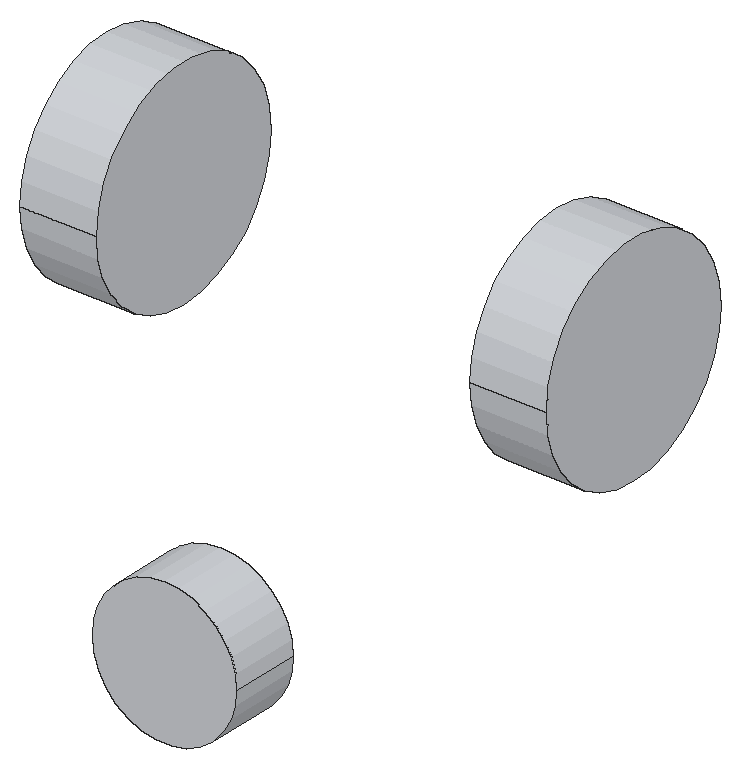
Revit family "25", category Plumbing Fixtures, Revit 2014
Parameters (values of type "25")
  Vent Connection = yes
  URL = "http://www.helvex.com.mx/contenido.php?producto=331"
  Type Comments = "Drains"
  Total Diameter = 7"
  Model = "25"
  Manufacturer = "Helvex"
  Installation Thread Upper = "2\" NPSM (5 cm)"
  Installation Thread Lower = "1 ½\" NPSM (3.8 cm)"
  Grid = Stainless Steel
  Features = "Drain With Adjustable Grid; Removable Cover; Integrated Cesspool; Double Drain Plate; Anticorrosive Paint Coating"
  Drain = Brass Chromed
  Documentation = "http://www.helvex.com.mx/productos/fichas/25.pdf"
  Description = "Floor Drain With Round Grid Three Outlets"
  CW Connection = yes
  Body = Iron, Cast
Reference planes (in)
  plane 1 "Center (Front/Back)": y = 0
  plane 2: z = 0
  plane 3 "Center (Left/Right)": x = 0
Forms (in)
  Extrusion 1, solid
    sketch origin (0, 0, -6.7305) x (1, 0, 0) y (0, 0, 1)
      loop
        circle (0, 1.422) r 0.75
    from 1.93837 to 2.665
  Extrusion 2, solid
    sketch origin (0, 0, -6.7305) x (0, 1, 0) y (0, 0, 1)
      loop
        circle (0, 4.026) r 1.13
    from 1.93424 to 2.729
  Extrusion 3, solid
    sketch origin (-4.66324, 0, -6.7305) x (0, 1, 0) y (0, 0, 1)
      loop
        circle (0, 4.026) r 1.13
    from 1.93424 to 2.729
Dimensions and locks (in)
  aligned and locked: level to plane 2
Connectors (in)
  piping at (0, -2.665, -5.3085), diameter 1.5, driven by "CW Connection"
    settings: on Extrusion 1, index 1, connector inside diameter 24", connector length 0", flow factor 0, pipe flow 0.0 GPM, pressure drop 0.0 psi, fitting loss kfactor 0, connector angle 0.00°, fixture units 0, engagement length 0", angle of deflection 0.00°, flow configuration 2, flow direction 1, fitting loss method 0, system type 16, joint type 0, gender type 0, connector reference index -1, connector utility 1, adjustable connector no, is connector primary yes, connector description ""
  piping at (2.729, 0, -2.7045), diameter 2, driven by "CW Connection"
    settings: on Extrusion 2, index 2, connector inside diameter 24", connector length 0", flow factor 0, pipe flow 0.0 GPM, pressure drop 0.0 psi, fitting loss kfactor 0, connector angle 0.00°, fixture units 0, engagement length 0", angle of deflection 0.00°, flow configuration 2, flow direction 2, fitting loss method 0, system type 16, joint type 0, gender type 0, connector reference index -1, connector utility 1, adjustable connector no, is connector primary no, connector description ""
  piping at (-2.729, 0, -2.7045), diameter 2, driven by "CW Connection"
    settings: on Extrusion 3, index 3, connector inside diameter 24", connector length 0", flow factor 0, pipe flow 0.0 GPM, pressure drop 0.0 psi, fitting loss kfactor 0, connector angle 0.00°, fixture units 0, engagement length 0", angle of deflection 0.00°, flow configuration 2, flow direction 2, fitting loss method 0, system type 16, joint type 0, gender type 0, connector reference index -1, connector utility 1, adjustable connector no, is connector primary no, connector description ""
